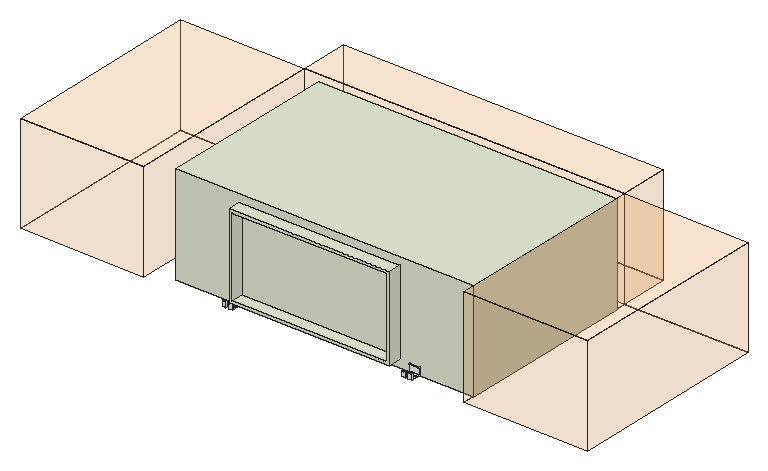
Revit family "MKT3H-1600(1800,2000)G70A", category Mechanical Equipment, Revit 2013
Parameters (values of type "MKT3H-2000G100A")
  clearance access right = 500.000 mm
  clearance access left = 500.000 mm
  clearance access front = 0.000 mm
  clearance access behind = 200.000 mm
  clearance [instance] = no
  Width = 1290.000 mm
  Series = "FCU"
  Rated current = 3.93 A
  Power supply = "220-240V ~50Hz"
  Power Input(H/M/L) = "887/755/628 W"
  Net Weight = 76.00 kg
  Model = "MKT3H-2000G100A"
  Manufacturer = "Midea"
  Liquid pipe = 19.050 mm
  Installation = "Indoor installation"
  Height = 400.000 mm
  Heating Capacity(H/M/L) = "19.94/17.26/15.25 kW"
  Gas = ""
  Drain pipe = 32.000 mm
  Description = "High efficiency water cooled"
  Depth = 809.000 mm
  Cooling Capacity(H/M/L) = "16.71/15.15/13.58 kW"
  Condensation = "water"
  Air Flow(H/M/L) = "3411/3034/2588 m3/h"
Types (4, lengths in mm): name | Rated current | Power Input(H/M/L) | Model | Heating Capacity(H/M/L) | Cooling Capacity(H/M/L) | Air Flow(H/M/L)
  (no name) | 3.93 A | "887/755/628 W" | "MKT3H-2000G100A" | "19.94/17.26/15.25 kW" | "16.71/15.15/13.58 kW" | "3411/3034/2588 m3/h"
  MKT3H-1600G100A | 2.5 A | "546/475/415 W" | "MKT3H-1600G100A" | "14.07/12.91/11.78 kW" | "12.99/12.02/11.04 kW" | "2272/2126/1911 m3/h"
  MKT3H-1800G100A | 3.47 A | "782/683/606 W" | "MKT3H-1800G100A" | "18.23/16.84/14.76 kW" | "15.25/13.42/12.38 kW" | "3177/2983/2327 m3/h"
  MKT3H-2000G100A | 3.93 A | "887/755/628 W" | "MKT3H-2000G100A" | "19.94/17.26/15.25 kW" | "16.71/15.15/13.58 kW" | "3411/3034/2588 m3/h"
Reference planes
  plane 1 "Center (Front/Back)": y = 0
  plane 2: z = 0
  plane 3 "Center (Left/Right)": x = 0
  plane 4: x = 601.5
  plane 5: y = -411
  plane 6: z = 400
  plane 7: z = 200
  plane 8: z = 309.5
  plane 9: z = 90.5
  plane 10: y = 398
  plane 11: x = -688.5
Forms (mm)
  Extrusion 1, solid, material "Galvanized Steel"
    sketch origin (0, 0, 0) x (1, 0, 0) y (0, 1, 0)
      loop
        line (-601.5, 359) -> (-601.5, -359) -> (601.5, -359) -> (601.5, 359) -> (-601.5, 359)
    from 0 to 400
  Extrusion 2, solid, material "Galvanized Steel", detail levels fine
    sketch origin (0, 0, 0) x (1, 0, 0) y (0, 0, 1)
      loop
        line (-335, 360) -> (-335, 40) -> (290.5, 40) -> (290.5, 360) -> (-335, 360)
      loop
        line (-345, 370) -> (-345, 30) -> (300.5, 30) -> (300.5, 370) -> (-345, 370)
    from 359 to 411
  Extrusion 3, solid, material "Galvanized Steel", detail levels fine
    sketch origin (601.5, -139.64, -91.526) x (0, -1, 0) y (0, 0, -1)
      loop
        circle (108.682, -363.418) r 9.525
    from -802.124 to -778
  Extrusion 4, solid, material "Galvanized Steel", detail levels fine
    sketch origin (601.5, -39.79, 21.044) x (0, -1, 0) y (0, 0, -1)
      loop
        circle (108.682, -204.418) r 9.525
    from -802.124 to -778
  Extrusion 5, solid, material "Galvanized Steel", detail levels fine
    sketch origin (0, 0, 0) x (1, 0, 0) y (0, 0, 1)
      loop
        line (153, 309.5) -> (-153, 309.5) -> (-153, 90.5) -> (153, 90.5) -> (153, 309.5)
      loop
        line (143, 299.5) -> (-143, 299.5) -> (-143, 100.5) -> (143, 100.5) -> (143, 299.5)
    from -398 to -359
  Extrusion 6, solid, material "Galvanized Steel"
    sketch origin (601.5, 408, 0) x (0, -1, 0) y (0, 0, -1)
      loop
        line (164.177, -280.5) -> (418.177, -280.5) -> (418.177, -90.5) -> (164.177, -90.5) -> (164.177, -280.5)
    from -1290 to -1203
  Extrusion 7, solid, material "Galvanized Steel", detail levels fine
    sketch origin (320.5, -260.427, -168.929) x (0, -1, 0) y (0, 0, -1)
      loop
        circle (10.682, -204.418) r 9.525
    from -733.624 to -709.5
Dimensions and locks
  equal spacing: Extrusion 1 sketch curve, plane 3 "Center (Left/Right)", Extrusion 1 sketch curve
  Extrusion 1 sketch curve to Extrusion 1 sketch curve = 1203.000 mm
  equal spacing: Extrusion 1 sketch curve, plane 1 "Center (Front/Back)", Extrusion 1 sketch curve
  Extrusion 1 sketch curve to Extrusion 1 sketch curve = 718.000 mm
  aligned and locked: level to plane 2
Nested families
  nested 1: "Beautiful-Lagou" at (-382, -359, 0), type "Lagou-HXL", detail levels fine
  nested 2: "Beautiful-Lagou" at (382, -359, 0) x (-1, 0, 0) z (0, 0, 1), type "Lagou-HXL", detail levels fine
  nested 3: "Beautiful-Lagou" at (-382, 359, 0), type "Lagou-HXL", detail levels fine
  nested 4: "Beautiful-Lagou" at (382, 359, 0) x (-1, 0, 0) z (0, 0, 1), type "Lagou-HXL", detail levels fine
  nested 5: "Midea service space" at (-1188.5, -411, 0), type "Midea Service  Space"
    with Width 500.000 mm, Height 400.000 mm, Depth 809.000 mm
  nested 6: "Midea service space" at (601.5, -411, 0), type "Midea Service  Space"
    with Width 500.000 mm, Height 400.000 mm, Depth 809.000 mm
  nested 7: "Midea service space" at (-688.5, 398, 0), type "Midea Service  Space"
    with Width 1290.000 mm, Height 400.000 mm, Depth 200.000 mm
Connectors
  piping at (-200.624, -248.323, 271.892)
    settings: on Extrusion 3, index 1, connector radius 3/8", flow factor 0, pipe flow 0 GPM, pressure drop 0.00 psi, fitting loss kfactor 0, connector angle 0.00°, fixture units 0, engagement length 0.000 mm, flow configuration 0, flow direction 0, fitting loss method 0, system type 7, joint type 0, gender type 0, connector reference index -1, connector utility 0, adjustable connector no, is connector primary yes, fitting loss table "", connector description "Liquid pipe"
  hvac at (-22.25, -411, 200)
    settings: on Extrusion 2, index 4, duct flow 0.00 m³/h, flow factor 0, pres drop 0.00 in-wg, loss coef 0, conn angle 0.00°, conn width 20.23622", conn height 13.38583", conn radius 12", duct sys type 1, conn prof type 1, flow config 0, flow direction 0, loss method 0, conn ref index -1, conn util no, is conn primary yes, conn desc ""
  electrical at (-601.5, 0, 200)
    settings: on Extrusion 1, index 5, voltage 220 V, apparent load 0 VA, apparent load phase1 0 VA, apparent load phase2 0 VA, apparent load phase3 0 VA, power factor 1, load classification "HVAC", number of poles 1, system type 30, power factor state 1, is connector primary yes, connector utility no, sub classification motor no, connector description ""
  hvac at (0, 398, 200)
    settings: on Extrusion 5, index 6, duct flow 0.00 m³/h, flow factor 0, pres drop 0.00 in-wg, loss coef 0, conn angle 0.00°, conn width 12", conn height 8.62205", conn radius 12", duct sys type 1, conn prof type 1, flow config 0, flow direction 0, loss method 0, conn ref index -1, conn util no, is conn primary no, conn desc ""
  piping at (-413.124, -271.11, 35.489)
    settings: on Extrusion 7, index 7, connector radius 0.62992", flow factor 0, pipe flow 0 GPM, pressure drop 0.00 psi, fitting loss kfactor 0, connector angle 0.00°, fixture units 0, engagement length 0.000 mm, flow configuration 0, flow direction 0, fitting loss method 0, system type 19, joint type 0, gender type 0, connector reference index -1, connector utility 0, adjustable connector no, is connector primary no, fitting loss table "", connector description "Drain pipe"
Definition of nested family "Beautiful-Lagou"
  Parameters (values of type "Lagou-HXL")
    Manufacturer = "HXL"
    Machine material = Midea White
  Reference planes
    plane 1 "Center (Front/Back)": y = 0
    plane 2: z = 0
    plane 3 "Center (Left/Right)": x = 0
  Forms (mm)
    Extrusion 1, solid, material "Midea White" <- "Machine material"
      sketch origin (0, 0, 0) x (0, 1, 0) y (0, 0, 1)
        loop
          line (0, 0) -> (0, 20) -> (0, 30) -> (-5, 30) -> (-5, 28) -> (-2, 28) -> (-2, 2) -> (-38, 2) -> (-38, 18) -> (-35, 18) -> (-35, 20) -> (-38, 20) -> (-40, 20) -> (-40, 0) -> (0, 0)
      from 0 to 40
    Extrusion 2, void
      sketch origin (0, 0, 0) x (1, 0, 0) y (0, 1, 0)
        loop
          arc (10, -14) -> (4, -20) -> (10, -26) r 6
          line (10, -26) -> (30, -26)
          arc (30, -26) -> (36, -20) -> (30, -14) r 6
          line (30, -14) -> (10, -14)
      from 0 to 2
    Extrusion 3, void
      sketch origin (0, 0, 0) x (1, 0, 0) y (0, 1, 0)
        loop
          line (15, -26) -> (15, -40) -> (25, -40) -> (25, -26) -> (15, -26)
      from 0 to 250
  Cuts and joins
    Extrusion 2, Extrusion 3 cuts Extrusion 1
  Dimensions and locks
    aligned and locked: level to plane 2
Definition of nested family "Midea service space"
  Parameters (values of type "Midea Service  Space")
    Width [instance] = 500.000 mm
    Height [instance] = 500.000 mm
    Depth [instance] = 500.000 mm
  Reference planes
    plane 1 "Center (Front/Back)": y = 0
    plane 2: z = 0
    plane 3 "Center (Left/Right)": x = 0
    plane 4: z = 500
    plane 5: y = 500
    plane 6: x = 500
  Forms (mm)
    Extrusion 1, solid, material "Midea Service Space-HDY"
      sketch origin (0, 0, 0) x (1, 0, 0) y (0, 1, 0)
        loop
          line (0, 500) -> (0, 0) -> (500, 0) -> (500, 500) -> (0, 500)
      from 0 to 500
  Dimensions and locks
    "Width": plane 3 "Center (Left/Right)" to plane 6
    "Depth": plane 5 to plane 1 "Center (Front/Back)"
    "Height": level to plane 4
    aligned and locked: level to plane 2
    aligned and locked: plane 5 to Extrusion 1
    aligned and locked: Extrusion 1 to plane 6
    aligned and locked: Extrusion 1 to plane 3 "Center (Left/Right)"
    aligned and locked: plane 1 "Center (Front/Back)" to Extrusion 1
    aligned and locked: Extrusion 1 to plane 4
  Automatic sketch dimensions
    Extrusion 1 sketch curve to plane 3 "Center (Left/Right)" = 0.000 mm
    plane 1 "Center (Front/Back)" to Extrusion 1 sketch curve = 0.000 mm
    Extrusion 1 sketch curve to plane 6 = 0.000 mm
    Extrusion 1 sketch curve to plane 5 = 0.000 mm
